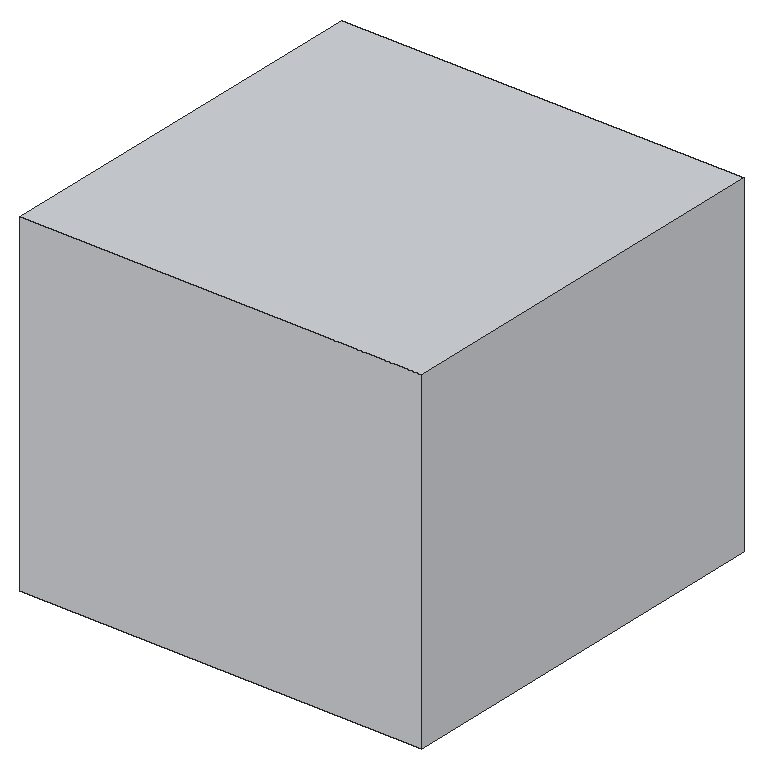
Revit family "2021_defaultFamily", category Generic Models, Revit 2021
Family settings
  Can host rebar = No
  Round Connector Dimension = Use Diameter
  Part Type = Normal
  Work Plane-Based = No
  Always vertical = Yes
  Cut with Voids When Loaded = No
  Shared = No
  Room Calculation Point = No
Parameters
  Default Elevation = 0 mm
Reference planes
  plane 1 "Center (Front/Back)": y = 0
  plane 2: z = 0
  plane 3 "Center (Left/Right)": x = 0
Forms (mm)
  Extrusion 1, solid
    sketch origin (0, 0, 0) x (1, 0, 0) y (0, 1, 0)
      loop
        line (0, 0) -> (300, 0) -> (300, 300) -> (0, 300) -> (0, 0)
    from 0 to 250
Dimensions and locks
  aligned and locked: level to plane 2
